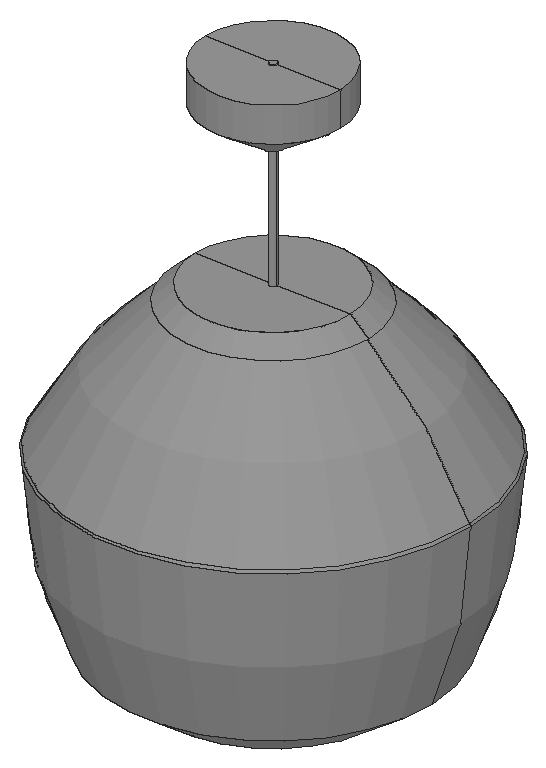
Revit family "63_UN_Pendant_GO-1L Canopy_Signify", category Lighting Fixtures, Revit 2019
Family settings
  Round Connector Dimension = Use Diameter
  Part Type = Normal
  OmniClass Number = 23.80.70.11
  OmniClass Title = Luminaries for Internal Lighting
  Work Plane-Based = No
  Always vertical = Yes
  Cut with Voids When Loaded = No
  Light Source = No
  Shared = No
  Room Calculation Point = Yes
Parameters (values of type "GO-1L")
  Wattage Comments = "10W"
  Voltage = 230 V
  URL = "https://www.signify.com/global/innovation/3d-printing"
  Type Comments = "GO-1L"
  Pendant_Material = UHMW, Black
  Pendant_Length [instance] = 200 mm
  Symbol_ToScale [instance] = yes
  Symbol_RealSize [instance] = not(Symbol_ToScale)  # no
  Switch Code [instance] = ""
  Model = "Pendant Canopy"
  Manufacturer = "Signify"
  Luminaire Code [instance] = ""
  Lamp = "LED"
  IfcExportType = "USERDEFINED"
  IfcExportAs = "IfcLightFixtureType"
  Housing_Material = Select RGB Value for different appearance
  Description = ""
  Content Creator® = "www.ivlibrary.com"
  Calc_Pendant_Length [instance] = if(Pendant_Length < 200 mm, 200 mm, if(Pendant_Length > 3000 mm, 3000 mm, Pendant_Length))  # 200 mm
  Assembly Code = "63.0"
  Apparent Load = 10 VA
Reference planes
  plane 1 "Center (Front/Back)": y = 0
  plane 2: z = 0
  plane 3 "Center (Left/Right)": x = 0
  plane 4: z = -200
  plane 5: z = -330
Forms (mm)
  Extrusion 1, solid, material "UHMW, Black" <- "Pendant_Material"
    sketch origin (0, 0, 0) x (1, 0, 0) y (0, 1, 0)
      loop
        circle (0, 0) r 3.848
    from -200 to 0
  Revolve 2, solid, material "UHMW, Black" <- "Pendant_Material"
    sketch origin (0, 0, 0) x (1, 0, 0) y (0, 0, 1)
      loop
        line (-68.5, 0) -> (-68.5, -35.165) -> (-13.084, -72.544) -> (0, -72.544) -> (0, 0) -> (-68.5, 0)
      axis (0, 0) -> (0, -72.544)
    angle from 0 to 360
Lines and regions (mm)
  symbolic lines, visible <- "Symbol_RealSize"
    curve 1: circle (0, 0, 0) r 200 normal (0, 0, 1)
    curve 2: line (-141.421, 141.421, 0) -> (0, 0, 0)
    curve 3: line (0, 0, 0) -> (-141.421, -141.421, 0)
    curve 4: line (141.421, 141.421, 0) -> (0, 0, 0)
    curve 5: line (0, 0, 0) -> (141.421, -141.421, 0)
Dimensions and locks
  "Calc_Pendant_Length": plane 2 to plane 4
  locked: plane 4 to plane 5 at 130
  aligned and locked: level to plane 2
  aligned and locked: plane 2 to Extrusion 1
  aligned and locked: plane 4 to Extrusion 1
  aligned and locked: nested 1 to plane 4
Automatic sketch dimensions
  plane 1 "Center (Front/Back)" to curve 2 = 0 mm
  curve 2 to plane 3 "Center (Left/Right)" = 0 mm
  plane 1 "Center (Front/Back)" to curve 1 = 0 mm
  curve 1 to plane 3 "Center (Left/Right)" = 0 mm
  curve 3 to plane 3 "Center (Left/Right)" = 141.421 mm
  curve 2 to plane 3 "Center (Left/Right)" = 141.421 mm
  plane 1 "Center (Front/Back)" to curve 5 = 141.421 mm
  plane 1 "Center (Front/Back)" to Extrusion 1 sketch curve = 0 mm
  Extrusion 1 sketch curve to plane 3 "Center (Left/Right)" = 0 mm
  Revolve 2 sketch curve to level = 0 mm
  Revolve 2 sketch curve to plane 3 "Center (Left/Right)" = 0 mm  (x2)
  Revolve 2 sketch curve to plane 3 "Center (Left/Right)" = 13.084 mm
  Revolve 2 sketch curve to plane 3 "Center (Left/Right)" = 68.5 mm
  Revolve 2 sketch curve to Revolve 2 sketch curve = 35.165 mm
  Revolve 2 sketch curve to Revolve 2 sketch curve = 72.544 mm
  Revolve 2 sketch curve to Revolve 2 sketch curve = 6.499 mm
  level to Revolve 2 sketch curve = 2214.315 mm
  radius of Extrusion 1 sketch curve = 3.848 mm
Nested families
  nested 1: "GO-1L" at (0, 0, -200), Housing_Material <- "Housing_Material", type "Geometry"
    with Housing_Material Select RGB Value for different appearance
  nested 2: "Ø400 Symbol_Signify" at (0, 0, 0), visible <- "Symbol_ToScale", type "Ø400 Symbol_Signify"
Connectors
  electrical at (0, 0, 0), driven by "Apparent Load", driven by "Voltage"
    settings: index 1, voltage 230 V, apparent load 0 VA, apparent load phase1 10 VA, apparent load phase2 0 VA, apparent load phase3 0 VA, power factor 1, load classification "Other", number of poles 1, system type 31, power factor state 1, is connector primary yes, connector utility no, sub classification motor no, connector description ""
Definition of nested family "GO-1L"
  Parameters (values of type "Geometry")
    URL = "Signify.com"
    Type Comments = ""
    Model = "Geometry"
    Manufacturer = "Signify"
    Lamp = "LED"
    Housing_Material [instance] = none
    Assembly Code = "63.xx"
    Apparent Load = 41 VA
  Reference planes
    plane 1 "Center (Front/Back)": y = 0
    plane 2: z = 0
    plane 3 "Center (Left/Right)": x = 0
    plane 4: z = 0
  Forms (mm)
    Revolve 1, solid, material <- "Housing_Material"
      sketch origin (0, 0, 20.589) x (1, 0, 0) y (0, 0, 1)
        loop
          line (0, -421.045) -> (0, -420.045) -> (-3.275, -420.045)
          spline (-3.275, -420.045) -> (-18.581, -416.034) -> (-33.489, -411.59) -> (-47.998, -406.712) -> (-62.11, -401.4) -> (-75.824, -395.655) -> (-89.14, -389.476) -> (-102.058, -382.864) -> (-114.579, -375.819) -> (-126.703, -368.341) -> (-138.429, -360.429) -> (-149.759, -352.083) -> (-160.692, -343.304)
          spline (-160.692, -343.304) -> (-166.554, -330.434) -> (-171.932, -317.293) -> (-176.825, -303.883) -> (-181.234, -290.203) -> (-185.159, -276.253) -> (-188.599, -262.033) -> (-191.555, -247.542) -> (-194.026, -232.78) -> (-196.013, -217.748) -> (-197.516, -202.445) -> (-198.534, -186.871) -> (-199.067, -171.027)
          line (-199.067, -171.027) -> (-197.846, -168.578)
          spline (-197.846, -168.578) -> (-191.398, -156.184) -> (-184.536, -144.05) -> (-177.259, -132.175) -> (-169.568, -120.56) -> (-161.462, -109.205) -> (-152.942, -98.108) -> (-144.008, -87.271) -> (-134.658, -76.693) -> (-124.894, -66.375) -> (-114.715, -56.315) -> (-104.121, -46.514) -> (-93.111, -36.973)
          line (-93.111, -36.973) -> (-92.273, -36.196) -> (-93.746, -36.196)
          spline (-93.746, -36.196) -> (-104.78, -45.76) -> (-115.4, -55.583) -> (-125.603, -65.667) -> (-135.391, -76.011) -> (-144.764, -86.616) -> (-153.721, -97.48) -> (-162.263, -108.605) -> (-170.39, -119.99) -> (-178.101, -131.635) -> (-185.396, -143.54) -> (-192.276, -155.706) -> (-198.741, -168.132)
          line (-198.741, -168.132) -> (-200.071, -170.8)
          spline (-200.071, -170.8) -> (-199.542, -186.72) -> (-198.525, -202.369) -> (-197.02, -217.746) -> (-195.027, -232.852) -> (-192.545, -247.687) -> (-189.575, -262.25) -> (-186.117, -276.542) -> (-182.17, -290.563) -> (-177.735, -304.312) -> (-172.812, -317.79) -> (-167.4, -330.996) -> (-161.5, -343.932)
          spline (-161.5, -343.932) -> (-150.519, -352.76) -> (-139.139, -361.151) -> (-127.361, -369.106) -> (-115.183, -376.624) -> (-102.606, -383.705) -> (-89.63, -390.35) -> (-76.255, -396.558) -> (-62.481, -402.329) -> (-48.308, -407.663) -> (-33.736, -412.56) -> (-18.765, -417.021) -> (-3.395, -421.045)
          line (-3.395, -421.045) -> (0, -421.045)
        axis (0, -36.196) -> (0, -421.045)
      angle from 0 to 360
    Revolve 2, solid
      sketch origin (0, 0, 0) x (1, 0, 0) y (0, 0, 1)
        loop
          line (0, -15.607) -> (0, 0) -> (-78.557, 0) -> (-96.511, -15.607) -> (0, -15.607)
        axis (0, 0) -> (0, -15.607)
      angle from 0 to 360
  Lines and regions (mm)
    reference lines
      curve 1: line (-173.969, 0, 0) -> (173.969, 0, 0)
  Dimensions and locks
    aligned and locked: level to plane 2
Definition of nested family "Ø400 Symbol_Signify"
  Reference planes
    plane 1: y = 0
    plane 2: x = 0
  Lines and regions (mm)
    detail lines
      curve 1: circle (0, 0, 0) r 2 normal (0, 0, 1)
      curve 2: line (0, 0, 0) -> (-1.414, -1.414, 0)
      curve 3: line (-1.414, 1.414, 0) -> (0, 0, 0)
      curve 4: line (0, 0, 0) -> (1.414, -1.414, 0)
      curve 5: line (1.414, 1.414, 0) -> (0, 0, 0)
